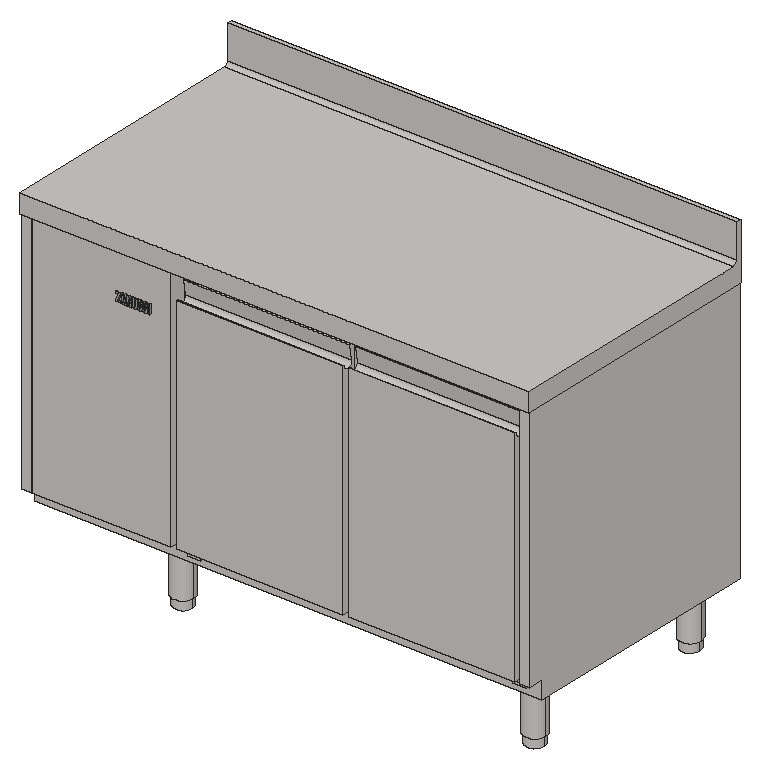
Revit family "QF_ZANUSSI_111068_ZH2K3AA", category Specialty Equipment, Revit 2018 (continued)
Definition of nested family "ZAN_Cooling Unit"
  Lines and regions (mm)
    Split face 129
      outline origin (55.016, 2, -293.144) x (0, 0, 1) y (-1, 0, 0)
        loop
          line (502.647, 158.547) -> (502.647, 116.535)
          arc (502.647, 116.535) -> (506.648, 112.533) -> (510.649, 116.535) r 4.001
          line (510.649, 116.535) -> (510.649, 158.547)
    Split face 130
      outline origin (110.032, 2, -113.091) x (0, 0, 1) y (-1, 0, 0)
        loop
          arc (510.649, 158.547) -> (506.648, 162.548) -> (502.647, 158.547) r 4.001
          line (502.647, 158.547) -> (502.647, 116.535)
          arc (502.647, 116.535) -> (506.648, 112.533) -> (510.649, 116.535) r 4.001
          line (510.649, 116.535) -> (510.649, 158.547)
    Split face 131
      outline origin (110.032, 2, -125.094) x (0, 0, 1) y (-1, 0, 0)
        loop
          arc (510.649, 158.547) -> (506.648, 162.548) -> (502.647, 158.547) r 4.001
          line (502.647, 158.547) -> (502.647, 116.535)
          arc (502.647, 116.535) -> (506.648, 112.533) -> (510.649, 116.535) r 4.001
          line (510.649, 116.535) -> (510.649, 158.547)
    Split face 132
      outline origin (110.032, 2, -137.098) x (0, 0, 1) y (-1, 0, 0)
        loop
          arc (510.649, 158.547) -> (506.648, 162.548) -> (502.647, 158.547) r 4.001
          line (502.647, 158.547) -> (502.647, 116.535)
          arc (502.647, 116.535) -> (506.648, 112.533) -> (510.649, 116.535) r 4.001
          line (510.649, 116.535) -> (510.649, 158.547)
    Split face 133
      outline origin (110.032, 2, -149.101) x (0, 0, 1) y (-1, 0, 0)
        loop
          arc (510.649, 158.547) -> (506.648, 162.548) -> (502.647, 158.547) r 4.001
          line (502.647, 158.547) -> (502.647, 116.535)
          arc (502.647, 116.535) -> (506.648, 112.533) -> (510.649, 116.535) r 4.001
          line (510.649, 116.535) -> (510.649, 158.547)
    Split face 134
      outline origin (110.032, 2, -161.105) x (0, 0, 1) y (-1, 0, 0)
        loop
          arc (510.649, 158.547) -> (506.648, 162.548) -> (502.647, 158.547) r 4.001
          line (502.647, 158.547) -> (502.647, 116.535)
          arc (502.647, 116.535) -> (506.648, 112.533) -> (510.649, 116.535) r 4.001
          line (510.649, 116.535) -> (510.649, 158.547)
    Split face 135
      outline origin (110.032, 2, -173.108) x (0, 0, 1) y (-1, 0, 0)
        loop
          arc (510.649, 158.547) -> (506.648, 162.548) -> (502.647, 158.547) r 4.001
          line (502.647, 158.547) -> (502.647, 116.535)
          arc (502.647, 116.535) -> (506.648, 112.533) -> (510.649, 116.535) r 4.001
          line (510.649, 116.535) -> (510.649, 158.547)
    Split face 136
      outline origin (110.032, 2, -185.112) x (0, 0, 1) y (-1, 0, 0)
        loop
          arc (510.649, 158.547) -> (506.648, 162.548) -> (502.647, 158.547) r 4.001
          line (502.647, 158.547) -> (502.647, 116.535)
          arc (502.647, 116.535) -> (506.648, 112.533) -> (510.649, 116.535) r 4.001
          line (510.649, 116.535) -> (510.649, 158.547)
    Split face 137
      outline origin (110.032, 2, -197.115) x (0, 0, 1) y (-1, 0, 0)
        loop
          arc (510.649, 158.547) -> (506.648, 162.548) -> (502.647, 158.547) r 4.001
          line (502.647, 158.547) -> (502.647, 116.535)
          arc (502.647, 116.535) -> (506.648, 112.533) -> (510.649, 116.535) r 4.001
          line (510.649, 116.535) -> (510.649, 158.547)
    Split face 138
      outline origin (110.032, 2, -209.119) x (0, 0, 1) y (-1, 0, 0)
        loop
          arc (510.649, 158.547) -> (506.648, 162.548) -> (502.647, 158.547) r 4.001
          line (502.647, 158.547) -> (502.647, 116.535)
          arc (502.647, 116.535) -> (506.648, 112.533) -> (510.649, 116.535) r 4.001
          line (510.649, 116.535) -> (510.649, 158.547)
    Split face 139
      outline origin (110.032, 2, -221.122) x (0, 0, 1) y (-1, 0, 0)
        loop
          arc (510.649, 158.547) -> (506.648, 162.548) -> (502.647, 158.547) r 4.001
          line (502.647, 158.547) -> (502.647, 116.535)
          arc (502.647, 116.535) -> (506.648, 112.533) -> (510.649, 116.535) r 4.001
          line (510.649, 116.535) -> (510.649, 158.547)
    Split face 140
      outline origin (110.032, 2, -233.126) x (0, 0, 1) y (-1, 0, 0)
        loop
          arc (510.649, 158.547) -> (506.648, 162.548) -> (502.647, 158.547) r 4.001
          line (502.647, 158.547) -> (502.647, 116.535)
          arc (502.647, 116.535) -> (506.648, 112.533) -> (510.649, 116.535) r 4.001
          line (510.649, 116.535) -> (510.649, 158.547)
    Split face 141
      outline origin (110.032, 2, -245.129) x (0, 0, 1) y (-1, 0, 0)
        loop
          arc (510.649, 158.547) -> (506.648, 162.548) -> (502.647, 158.547) r 4.001
          line (502.647, 158.547) -> (502.647, 116.535)
          arc (502.647, 116.535) -> (506.648, 112.533) -> (510.649, 116.535) r 4.001
          line (510.649, 116.535) -> (510.649, 158.547)
    Split face 142
      outline origin (110.032, 2, -257.133) x (0, 0, 1) y (-1, 0, 0)
        loop
          arc (510.649, 158.547) -> (506.648, 162.548) -> (502.647, 158.547) r 4.001
          line (502.647, 158.547) -> (502.647, 116.535)
          arc (502.647, 116.535) -> (506.648, 112.533) -> (510.649, 116.535) r 4.001
          line (510.649, 116.535) -> (510.649, 158.547)
    Split face 143
      outline origin (110.032, 2, -269.136) x (0, 0, 1) y (-1, 0, 0)
        loop
          arc (510.649, 158.547) -> (506.648, 162.548) -> (502.647, 158.547) r 4.001
          line (502.647, 158.547) -> (502.647, 116.535)
          arc (502.647, 116.535) -> (506.648, 112.533) -> (510.649, 116.535) r 4.001
          line (510.649, 116.535) -> (510.649, 158.547)
    Split face 144
      outline origin (110.032, 2, -281.14) x (0, 0, 1) y (-1, 0, 0)
        loop
          arc (510.649, 158.547) -> (506.648, 162.548) -> (502.647, 158.547) r 4.001
          line (502.647, 158.547) -> (502.647, 116.535)
          arc (502.647, 116.535) -> (506.648, 112.533) -> (510.649, 116.535) r 4.001
          line (510.649, 116.535) -> (510.649, 158.547)
    Split face 145
      outline origin (110.032, 2, -293.144) x (0, 0, 1) y (-1, 0, 0)
        loop
          arc (510.649, 158.547) -> (506.648, 162.548) -> (502.647, 158.547) r 4.001
          line (502.647, 158.547) -> (502.647, 116.535)
          arc (502.647, 116.535) -> (506.648, 112.533) -> (510.649, 116.535) r 4.001
          line (510.649, 116.535) -> (510.649, 158.547)
    Split face 146
      outline origin (165.048, 2, -113.091) x (0, 0, 1) y (-1, 0, 0)
        loop
          arc (510.649, 158.547) -> (506.648, 162.548) -> (502.647, 158.547) r 4.001
          line (502.647, 158.547) -> (502.647, 116.535)
          arc (502.647, 116.535) -> (506.648, 112.533) -> (510.649, 116.535) r 4.001
          line (510.649, 116.535) -> (510.649, 158.547)
    Split face 147
      outline origin (165.048, 2, -125.094) x (0, 0, 1) y (-1, 0, 0)
        loop
          arc (510.649, 158.547) -> (506.648, 162.548) -> (502.647, 158.547) r 4.001
          line (502.647, 158.547) -> (502.647, 116.535)
          arc (502.647, 116.535) -> (506.648, 112.533) -> (510.649, 116.535) r 4.001
          line (510.649, 116.535) -> (510.649, 158.547)
    Split face 148
      outline origin (165.048, 2, -137.098) x (0, 0, 1) y (-1, 0, 0)
        loop
          arc (510.649, 158.547) -> (506.648, 162.548) -> (502.647, 158.547) r 4.001
          line (502.647, 158.547) -> (502.647, 116.535)
          arc (502.647, 116.535) -> (506.648, 112.533) -> (510.649, 116.535) r 4.001
          line (510.649, 116.535) -> (510.649, 158.547)
    Split face 149
      outline origin (165.048, 2, -149.101) x (0, 0, 1) y (-1, 0, 0)
        loop
          arc (510.649, 158.547) -> (506.648, 162.548) -> (502.647, 158.547) r 4.001
          line (502.647, 158.547) -> (502.647, 116.535)
          arc (502.647, 116.535) -> (506.648, 112.533) -> (510.649, 116.535) r 4.001
          line (510.649, 116.535) -> (510.649, 158.547)
    Split face 150
      outline origin (165.048, 2, -161.105) x (0, 0, 1) y (-1, 0, 0)
        loop
          arc (510.649, 158.547) -> (506.648, 162.548) -> (502.647, 158.547) r 4.001
          line (502.647, 158.547) -> (502.647, 116.535)
          arc (502.647, 116.535) -> (506.648, 112.533) -> (510.649, 116.535) r 4.001
          line (510.649, 116.535) -> (510.649, 158.547)
    Split face 151
      outline origin (165.048, 2, -173.108) x (0, 0, 1) y (-1, 0, 0)
        loop
          arc (510.649, 158.547) -> (506.648, 162.548) -> (502.647, 158.547) r 4.001
          line (502.647, 158.547) -> (502.647, 116.535)
          arc (502.647, 116.535) -> (506.648, 112.533) -> (510.649, 116.535) r 4.001
          line (510.649, 116.535) -> (510.649, 158.547)
    Split face 152
      outline origin (165.048, 2, -185.112) x (0, 0, 1) y (-1, 0, 0)
        loop
          arc (510.649, 158.547) -> (506.648, 162.548) -> (502.647, 158.547) r 4.001
          line (502.647, 158.547) -> (502.647, 116.535)
          arc (502.647, 116.535) -> (506.648, 112.533) -> (510.649, 116.535) r 4.001
          line (510.649, 116.535) -> (510.649, 158.547)
    Split face 153
      outline origin (165.048, 2, -197.115) x (0, 0, 1) y (-1, 0, 0)
        loop
          arc (510.649, 158.547) -> (506.648, 162.548) -> (502.647, 158.547) r 4.001
          line (502.647, 158.547) -> (502.647, 116.535)
          arc (502.647, 116.535) -> (506.648, 112.533) -> (510.649, 116.535) r 4.001
          line (510.649, 116.535) -> (510.649, 158.547)
    Split face 154
      outline origin (165.048, 2, -209.119) x (0, 0, 1) y (-1, 0, 0)
        loop
          arc (510.649, 158.547) -> (506.648, 162.548) -> (502.647, 158.547) r 4.001
          line (502.647, 158.547) -> (502.647, 116.535)
          arc (502.647, 116.535) -> (506.648, 112.533) -> (510.649, 116.535) r 4.001
          line (510.649, 116.535) -> (510.649, 158.547)
    Split face 155
      outline origin (165.048, 2, -221.122) x (0, 0, 1) y (-1, 0, 0)
        loop
          arc (510.649, 158.547) -> (506.648, 162.548) -> (502.647, 158.547) r 4.001
          line (502.647, 158.547) -> (502.647, 116.535)
          arc (502.647, 116.535) -> (506.648, 112.533) -> (510.649, 116.535) r 4.001
          line (510.649, 116.535) -> (510.649, 158.547)
    Split face 156
      outline origin (165.048, 2, -233.126) x (0, 0, 1) y (-1, 0, 0)
        loop
          arc (510.649, 158.547) -> (506.648, 162.548) -> (502.647, 158.547) r 4.001
          line (502.647, 158.547) -> (502.647, 116.535)
          arc (502.647, 116.535) -> (506.648, 112.533) -> (510.649, 116.535) r 4.001
          line (510.649, 116.535) -> (510.649, 158.547)
    Split face 157
      outline origin (165.048, 2, -245.129) x (0, 0, 1) y (-1, 0, 0)
        loop
          arc (510.649, 158.547) -> (506.648, 162.548) -> (502.647, 158.547) r 4.001
          line (502.647, 158.547) -> (502.647, 116.535)
          arc (502.647, 116.535) -> (506.648, 112.533) -> (510.649, 116.535) r 4.001
          line (510.649, 116.535) -> (510.649, 158.547)
    Split face 158
      outline origin (165.048, 2, -257.133) x (0, 0, 1) y (-1, 0, 0)
        loop
          arc (510.649, 158.547) -> (506.648, 162.548) -> (502.647, 158.547) r 4.001
          line (502.647, 158.547) -> (502.647, 116.535)
          arc (502.647, 116.535) -> (506.648, 112.533) -> (510.649, 116.535) r 4.001
          line (510.649, 116.535) -> (510.649, 158.547)
    Split face 159
      outline origin (165.048, 2, -269.136) x (0, 0, 1) y (-1, 0, 0)
        loop
          arc (510.649, 158.547) -> (506.648, 162.548) -> (502.647, 158.547) r 4.001
          line (502.647, 158.547) -> (502.647, 116.535)
          arc (502.647, 116.535) -> (506.648, 112.533) -> (510.649, 116.535) r 4.001
          line (510.649, 116.535) -> (510.649, 158.547)
    Split face 160
      outline origin (165.048, 2, -281.14) x (0, 0, 1) y (-1, 0, 0)
        loop
          arc (510.649, 158.547) -> (506.648, 162.548) -> (502.647, 158.547) r 4.001
          line (502.647, 158.547) -> (502.647, 116.535)
          arc (502.647, 116.535) -> (506.648, 112.533) -> (510.649, 116.535) r 4.001
          line (510.649, 116.535) -> (510.649, 158.547)
    Split face 161
      outline origin (165.048, 2, -293.144) x (0, 0, 1) y (-1, 0, 0)
        loop
          arc (510.649, 158.547) -> (506.648, 162.548) -> (502.647, 158.547) r 4.001
          line (502.647, 158.547) -> (502.647, 116.535)
          arc (502.647, 116.535) -> (506.648, 112.533) -> (510.649, 116.535) r 4.001
          line (510.649, 116.535) -> (510.649, 158.547)
    Split face 162
      outline origin (220.064, 2, -113.091) x (0, 0, 1) y (-1, 0, 0)
        loop
          arc (510.649, 158.547) -> (506.648, 162.548) -> (502.647, 158.547) r 4.001
          line (502.647, 158.547) -> (502.647, 116.535)
          arc (502.647, 116.535) -> (506.648, 112.533) -> (510.649, 116.535) r 4.001
          line (510.649, 116.535) -> (510.649, 158.547)
    Split face 163
      outline origin (220.064, 2, -125.094) x (0, 0, 1) y (-1, 0, 0)
        loop
          arc (510.649, 158.547) -> (506.648, 162.548) -> (502.647, 158.547) r 4.001
          line (502.647, 158.547) -> (502.647, 116.535)
          arc (502.647, 116.535) -> (506.648, 112.533) -> (510.649, 116.535) r 4.001
          line (510.649, 116.535) -> (510.649, 158.547)
    Split face 164
      outline origin (220.064, 2, -137.098) x (0, 0, 1) y (-1, 0, 0)
        loop
          arc (510.649, 158.547) -> (506.648, 162.548) -> (502.647, 158.547) r 4.001
          line (502.647, 158.547) -> (502.647, 116.535)
          arc (502.647, 116.535) -> (506.648, 112.533) -> (510.649, 116.535) r 4.001
          line (510.649, 116.535) -> (510.649, 158.547)
    Split face 165
      outline origin (220.064, 2, -149.101) x (0, 0, 1) y (-1, 0, 0)
        loop
          arc (510.649, 158.547) -> (506.648, 162.548) -> (502.647, 158.547) r 4.001
          line (502.647, 158.547) -> (502.647, 116.535)
          arc (502.647, 116.535) -> (506.648, 112.533) -> (510.649, 116.535) r 4.001
          line (510.649, 116.535) -> (510.649, 158.547)
    Split face 166
      outline origin (220.064, 2, -161.105) x (0, 0, 1) y (-1, 0, 0)
        loop
          arc (510.649, 158.547) -> (506.648, 162.548) -> (502.647, 158.547) r 4.001
          line (502.647, 158.547) -> (502.647, 116.535)
          arc (502.647, 116.535) -> (506.648, 112.533) -> (510.649, 116.535) r 4.001
          line (510.649, 116.535) -> (510.649, 158.547)
    Split face 167
      outline origin (220.064, 2, -173.108) x (0, 0, 1) y (-1, 0, 0)
        loop
          arc (510.649, 158.547) -> (506.648, 162.548) -> (502.647, 158.547) r 4.001
          line (502.647, 158.547) -> (502.647, 116.535)
          arc (502.647, 116.535) -> (506.648, 112.533) -> (510.649, 116.535) r 4.001
          line (510.649, 116.535) -> (510.649, 158.547)
    Split face 168
      outline origin (220.064, 2, -185.112) x (0, 0, 1) y (-1, 0, 0)
        loop
          arc (510.649, 158.547) -> (506.648, 162.548) -> (502.647, 158.547) r 4.001
          line (502.647, 158.547) -> (502.647, 116.535)
          arc (502.647, 116.535) -> (506.648, 112.533) -> (510.649, 116.535) r 4.001
          line (510.649, 116.535) -> (510.649, 158.547)
    Split face 169
      outline origin (220.064, 2, -197.115) x (0, 0, 1) y (-1, 0, 0)
        loop
          arc (510.649, 158.547) -> (506.648, 162.548) -> (502.647, 158.547) r 4.001
          line (502.647, 158.547) -> (502.647, 116.535)
          arc (502.647, 116.535) -> (506.648, 112.533) -> (510.649, 116.535) r 4.001
          line (510.649, 116.535) -> (510.649, 158.547)
    Split face 170
      outline origin (220.064, 2, -209.119) x (0, 0, 1) y (-1, 0, 0)
        loop
          arc (510.649, 158.547) -> (506.648, 162.548) -> (502.647, 158.547) r 4.001
          line (502.647, 158.547) -> (502.647, 116.535)
          arc (502.647, 116.535) -> (506.648, 112.533) -> (510.649, 116.535) r 4.001
          line (510.649, 116.535) -> (510.649, 158.547)
    Split face 171
      outline origin (220.064, 2, -221.122) x (0, 0, 1) y (-1, 0, 0)
        loop
          arc (510.649, 158.547) -> (506.648, 162.548) -> (502.647, 158.547) r 4.001
          line (502.647, 158.547) -> (502.647, 116.535)
          arc (502.647, 116.535) -> (506.648, 112.533) -> (510.649, 116.535) r 4.001
          line (510.649, 116.535) -> (510.649, 158.547)
    Split face 172
      outline origin (220.064, 2, -233.126) x (0, 0, 1) y (-1, 0, 0)
        loop
          arc (510.649, 158.547) -> (506.648, 162.548) -> (502.647, 158.547) r 4.001
          line (502.647, 158.547) -> (502.647, 116.535)
          arc (502.647, 116.535) -> (506.648, 112.533) -> (510.649, 116.535) r 4.001
          line (510.649, 116.535) -> (510.649, 158.547)
    Split face 173
      outline origin (220.064, 2, -245.129) x (0, 0, 1) y (-1, 0, 0)
        loop
          arc (510.649, 158.547) -> (506.648, 162.548) -> (502.647, 158.547) r 4.001
          line (502.647, 158.547) -> (502.647, 116.535)
          arc (502.647, 116.535) -> (506.648, 112.533) -> (510.649, 116.535) r 4.001
          line (510.649, 116.535) -> (510.649, 158.547)
    Split face 174
      outline origin (220.064, 2, -257.133) x (0, 0, 1) y (-1, 0, 0)
        loop
          arc (510.649, 158.547) -> (506.648, 162.548) -> (502.647, 158.547) r 4.001
          line (502.647, 158.547) -> (502.647, 116.535)
          arc (502.647, 116.535) -> (506.648, 112.533) -> (510.649, 116.535) r 4.001
          line (510.649, 116.535) -> (510.649, 158.547)
    Split face 175
      outline origin (220.064, 2, -269.136) x (0, 0, 1) y (-1, 0, 0)
        loop
          arc (510.649, 158.547) -> (506.648, 162.548) -> (502.647, 158.547) r 4.001
          line (502.647, 158.547) -> (502.647, 116.535)
          arc (502.647, 116.535) -> (506.648, 112.533) -> (510.649, 116.535) r 4.001
          line (510.649, 116.535) -> (510.649, 158.547)
    Split face 176
      outline origin (220.064, 2, -281.14) x (0, 0, 1) y (-1, 0, 0)
        loop
          arc (510.649, 158.547) -> (506.648, 162.548) -> (502.647, 158.547) r 4.001
          line (502.647, 158.547) -> (502.647, 116.535)
          arc (502.647, 116.535) -> (506.648, 112.533) -> (510.649, 116.535) r 4.001
          line (510.649, 116.535) -> (510.649, 158.547)
    Split face 177
      outline origin (220.064, 2, -293.144) x (0, 0, 1) y (-1, 0, 0)
        loop
          arc (510.649, 158.547) -> (506.648, 162.548) -> (502.647, 158.547) r 4.001
          line (502.647, 158.547) -> (502.647, 116.535)
          arc (502.647, 116.535) -> (506.648, 112.533) -> (510.649, 116.535) r 4.001
          line (510.649, 116.535) -> (510.649, 158.547)
    Split face 178
      outline origin (275.081, 2, -113.091) x (0, 0, 1) y (-1, 0, 0)
        loop
          arc (510.649, 158.547) -> (506.648, 162.548) -> (502.647, 158.547) r 4.001
          line (502.647, 158.547) -> (502.647, 116.535)
          arc (502.647, 116.535) -> (506.648, 112.533) -> (510.649, 116.535) r 4.001
          line (510.649, 116.535) -> (510.649, 158.547)
    Split face 179
      outline origin (275.081, 2, -125.094) x (0, 0, 1) y (-1, 0, 0)
        loop
          arc (510.649, 158.547) -> (506.648, 162.548) -> (502.647, 158.547) r 4.001
          line (502.647, 158.547) -> (502.647, 116.535)
          arc (502.647, 116.535) -> (506.648, 112.533) -> (510.649, 116.535) r 4.001
          line (510.649, 116.535) -> (510.649, 158.547)
    Split face 180
      outline origin (275.081, 2, -137.098) x (0, 0, 1) y (-1, 0, 0)
        loop
          arc (510.649, 158.547) -> (506.648, 162.548) -> (502.647, 158.547) r 4.001
          line (502.647, 158.547) -> (502.647, 116.535)
          arc (502.647, 116.535) -> (506.648, 112.533) -> (510.649, 116.535) r 4.001
          line (510.649, 116.535) -> (510.649, 158.547)
    Split face 181
      outline origin (275.081, 2, -149.101) x (0, 0, 1) y (-1, 0, 0)
        loop
          arc (510.649, 158.547) -> (506.648, 162.548) -> (502.647, 158.547) r 4.001
          line (502.647, 158.547) -> (502.647, 116.535)
          arc (502.647, 116.535) -> (506.648, 112.533) -> (510.649, 116.535) r 4.001
          line (510.649, 116.535) -> (510.649, 158.547)
    Split face 182
      outline origin (275.081, 2, -161.105) x (0, 0, 1) y (-1, 0, 0)
        loop
          arc (510.649, 158.547) -> (506.648, 162.548) -> (502.647, 158.547) r 4.001
          line (502.647, 158.547) -> (502.647, 116.535)
          arc (502.647, 116.535) -> (506.648, 112.533) -> (510.649, 116.535) r 4.001
          line (510.649, 116.535) -> (510.649, 158.547)
    Split face 183
      outline origin (275.081, 2, -173.108) x (0, 0, 1) y (-1, 0, 0)
        loop
          arc (510.649, 158.547) -> (506.648, 162.548) -> (502.647, 158.547) r 4.001
          line (502.647, 158.547) -> (502.647, 116.535)
          arc (502.647, 116.535) -> (506.648, 112.533) -> (510.649, 116.535) r 4.001
          line (510.649, 116.535) -> (510.649, 158.547)
    Split face 184
      outline origin (275.081, 2, -185.112) x (0, 0, 1) y (-1, 0, 0)
        loop
          arc (510.649, 158.547) -> (506.648, 162.548) -> (502.647, 158.547) r 4.001
          line (502.647, 158.547) -> (502.647, 116.535)
          arc (502.647, 116.535) -> (506.648, 112.533) -> (510.649, 116.535) r 4.001
          line (510.649, 116.535) -> (510.649, 158.547)
    Split face 185
      outline origin (275.081, 2, -197.115) x (0, 0, 1) y (-1, 0, 0)
        loop
          arc (510.649, 158.547) -> (506.648, 162.548) -> (502.647, 158.547) r 4.001
          line (502.647, 158.547) -> (502.647, 116.535)
          arc (502.647, 116.535) -> (506.648, 112.533) -> (510.649, 116.535) r 4.001
          line (510.649, 116.535) -> (510.649, 158.547)
    Split face 186
      outline origin (275.081, 2, -209.119) x (0, 0, 1) y (-1, 0, 0)
        loop
          arc (510.649, 158.547) -> (506.648, 162.548) -> (502.647, 158.547) r 4.001
          line (502.647, 158.547) -> (502.647, 116.535)
          arc (502.647, 116.535) -> (506.648, 112.533) -> (510.649, 116.535) r 4.001
          line (510.649, 116.535) -> (510.649, 158.547)
    Split face 187
      outline origin (275.081, 2, -221.122) x (0, 0, 1) y (-1, 0, 0)
        loop
          arc (510.649, 158.547) -> (506.648, 162.548) -> (502.647, 158.547) r 4.001
          line (502.647, 158.547) -> (502.647, 116.535)
          arc (502.647, 116.535) -> (506.648, 112.533) -> (510.649, 116.535) r 4.001
          line (510.649, 116.535) -> (510.649, 158.547)
    Split face 188
      outline origin (275.081, 2, -233.126) x (0, 0, 1) y (-1, 0, 0)
        loop
          arc (510.649, 158.547) -> (506.648, 162.548) -> (502.647, 158.547) r 4.001
          line (502.647, 158.547) -> (502.647, 116.535)
          arc (502.647, 116.535) -> (506.648, 112.533) -> (510.649, 116.535) r 4.001
          line (510.649, 116.535) -> (510.649, 158.547)
    Split face 189
      outline origin (275.081, 2, -245.129) x (0, 0, 1) y (-1, 0, 0)
        loop
          arc (510.649, 158.547) -> (506.648, 162.548) -> (502.647, 158.547) r 4.001
          line (502.647, 158.547) -> (502.647, 116.535)
          arc (502.647, 116.535) -> (506.648, 112.533) -> (510.649, 116.535) r 4.001
          line (510.649, 116.535) -> (510.649, 158.547)
    Split face 190
      outline origin (275.081, 2, -257.133) x (0, 0, 1) y (-1, 0, 0)
        loop
          arc (510.649, 158.547) -> (506.648, 162.548) -> (502.647, 158.547) r 4.001
          line (502.647, 158.547) -> (502.647, 116.535)
          arc (502.647, 116.535) -> (506.648, 112.533) -> (510.649, 116.535) r 4.001
          line (510.649, 116.535) -> (510.649, 158.547)
    Split face 191
      outline origin (275.081, 2, -269.136) x (0, 0, 1) y (-1, 0, 0)
        loop
          arc (510.649, 158.547) -> (506.648, 162.548) -> (502.647, 158.547) r 4.001
          line (502.647, 158.547) -> (502.647, 116.535)
          arc (502.647, 116.535) -> (506.648, 112.533) -> (510.649, 116.535) r 4.001
          line (510.649, 116.535) -> (510.649, 158.547)
    Split face 192
      outline origin (275.081, 2, -281.14) x (0, 0, 1) y (-1, 0, 0)
        loop
          arc (510.649, 158.547) -> (506.648, 162.548) -> (502.647, 158.547) r 4.001
          line (502.647, 158.547) -> (502.647, 116.535)
          arc (502.647, 116.535) -> (506.648, 112.533) -> (510.649, 116.535) r 4.001
          line (510.649, 116.535) -> (510.649, 158.547)
    Split face 193
      outline origin (275.081, 2, -293.144) x (0, 0, 1) y (-1, 0, 0)
        loop
          arc (510.649, 158.547) -> (506.648, 162.548) -> (502.647, 158.547) r 4.001
          line (502.647, 158.547) -> (502.647, 116.535)
          arc (502.647, 116.535) -> (506.648, 112.533) -> (510.649, 116.535) r 4.001
          line (510.649, 116.535) -> (510.649, 158.547)
    Split face 194
      outline origin (0, 2, 197) x (0, 0, 1) y (-1, 0, 0)
        loop
          spline (566.835, 20.381) -> (564.628, 19.058) -> (561.987, 18.027) -> (558.955, 17.386) -> (555.581, 17.244) -> (551.912, 17.703) -> (547.993, 18.863) -> (543.871, 20.83) -> (539.591, 23.706) -> (535.202, 27.594) -> (530.748, 32.597) -> (526.28, 38.824) -> (521.835, 46.362)
        loop
          spline (521.835, 58.392) -> (525.386, 49.242) -> (529.197, 41.481) -> (533.2, 35.023) -> (537.329, 29.786) -> (541.516, 25.684) -> (545.695, 22.634) -> (549.798, 20.552) -> (553.759, 19.355) -> (557.511, 18.958) -> (560.984, 19.275) -> (564.115, 20.227) -> (566.835, 21.726)
    Split face 195
      outline origin (0, 2, 197) x (0, 0, 1) y (-1, 0, 0)
        loop
          line (555.835, 149.5) -> (532.835, 149.5) -> (532.835, 94.5) -> (555.835, 94.5) -> (555.835, 149.5)
  Dimensions and locks
    aligned and locked: level to plane 2
  Nested families
    nested 1: "ZAN_Logo_S_Grey" at (85, 2, 741.213) x (1, 0, 0) z (0, -1, 0), visible <- "Show Logo", type "ZAN_Logo_S_Grey"
  Definition of nested family "ZAN_Logo_S_Grey"
    Parameters
      Default Elevation = 0 mm
    Reference planes
      plane 1 "Centro (Fronte/Retro)": y = 0
      plane 2: z = 0
      plane 3 "Centro (Sinistra/Destra)": x = 0
    Forms (mm)
      Extrusion 1, solid
        sketch origin (0, 0, 0) x (1, 0, 0) y (0, 1, 0)
          loop
            line (-1219.2, 1219.2) -> (-1219.2, -1219.2) -> (1219.2, -1219.2) -> (1219.2, 1219.2) -> (-1219.2, 1219.2)
        from 0 to -304.8
      Extrusion 2, solid
        sketch origin (17.793, -46.218, 0) x (-1, 0, 0) y (0, -1, 0)
          loop
            spline (-4.176, -58.079) -> (-3.496, -58.328) -> (-2.793, -58.512) -> (-2.075, -58.63) -> (-1.348, -58.682) -> (-0.619, -58.669) -> (0.106, -58.588) -> (0.818, -58.44) -> (1.512, -58.225) -> (2.18, -57.941) -> (2.817, -57.589) -> (3.414, -57.167) -> (3.966, -56.676)
            spline (3.966, -56.676) -> (4.293, -56.162) -> (4.575, -55.61) -> (4.81, -55.026) -> (5, -54.419) -> (5.146, -53.797) -> (5.247, -53.166) -> (5.304, -52.536) -> (5.318, -51.913) -> (5.288, -51.306) -> (5.217, -50.723) -> (5.103, -50.17) -> (4.949, -49.657)
            line (4.949, -49.657) -> (2.702, -46.428) -> (0.316, -44.323)
            spline (0.316, -44.323) -> (0.065, -44.115) -> (-0.195, -43.909) -> (-0.46, -43.704) -> (-0.729, -43.496) -> (-0.997, -43.282) -> (-1.263, -43.059) -> (-1.523, -42.825) -> (-1.774, -42.576) -> (-2.013, -42.309) -> (-2.238, -42.022) -> (-2.445, -41.712) -> (-2.632, -41.375)
            spline (-2.632, -41.375) -> (-2.666, -41.159) -> (-2.697, -40.934) -> (-2.722, -40.701) -> (-2.736, -40.465) -> (-2.736, -40.227) -> (-2.72, -39.989) -> (-2.682, -39.754) -> (-2.621, -39.524) -> (-2.533, -39.302) -> (-2.414, -39.091) -> (-2.261, -38.892) -> (-2.07, -38.708)
            line (-2.07, -38.708) -> (-0.245, -38.567)
            spline (-0.245, -38.567) -> (0.096, -38.8) -> (0.354, -39.074) -> (0.54, -39.381) -> (0.664, -39.716) -> (0.738, -40.073) -> (0.772, -40.445) -> (0.777, -40.825) -> (0.763, -41.208) -> (0.742, -41.588) -> (0.723, -41.957) -> (0.718, -42.309) -> (0.737, -42.638)
            line (0.737, -42.638) -> (5.65, -42.638)
            spline (5.65, -42.638) -> (5.708, -42.042) -> (5.741, -41.448) -> (5.747, -40.857) -> (5.723, -40.273) -> (5.668, -39.696) -> (5.58, -39.129) -> (5.457, -38.574) -> (5.297, -38.032) -> (5.098, -37.506) -> (4.857, -36.997) -> (4.574, -36.508) -> (4.247, -36.041)
            spline (4.247, -36.041) -> (3.844, -35.675) -> (3.409, -35.35) -> (2.946, -35.065) -> (2.458, -34.819) -> (1.949, -34.612) -> (1.421, -34.444) -> (0.88, -34.314) -> (0.326, -34.221) -> (-0.234, -34.165) -> (-0.8, -34.146) -> (-1.366, -34.163) -> (-1.93, -34.216)
            spline (-1.93, -34.216) -> (-2.526, -34.309) -> (-3.116, -34.448) -> (-3.695, -34.633) -> (-4.259, -34.861) -> (-4.801, -35.131) -> (-5.316, -35.444) -> (-5.799, -35.798) -> (-6.245, -36.191) -> (-6.648, -36.624) -> (-7.002, -37.095) -> (-7.303, -37.603) -> (-7.545, -38.146)
            spline (-7.545, -38.146) -> (-7.694, -38.815) -> (-7.792, -39.487) -> (-7.839, -40.158) -> (-7.836, -40.824) -> (-7.785, -41.482) -> (-7.685, -42.129) -> (-7.539, -42.762) -> (-7.347, -43.377) -> (-7.111, -43.97) -> (-6.83, -44.538) -> (-6.506, -45.078) -> (-6.141, -45.586)
            line (-6.141, -45.586) -> (-0.526, -50.64) -> (0.176, -51.482)
            spline (0.176, -51.482) -> (0.248, -51.66) -> (0.323, -51.843) -> (0.397, -52.03) -> (0.467, -52.22) -> (0.529, -52.412) -> (0.579, -52.605) -> (0.615, -52.798) -> (0.633, -52.989) -> (0.63, -53.179) -> (0.601, -53.366) -> (0.545, -53.55) -> (0.456, -53.728)
            spline (0.456, -53.728) -> (0.375, -53.892) -> (0.273, -54.034) -> (0.154, -54.155) -> (0.02, -54.258) -> (-0.126, -54.343) -> (-0.28, -54.412) -> (-0.441, -54.466) -> (-0.604, -54.508) -> (-0.767, -54.537) -> (-0.928, -54.556) -> (-1.082, -54.567) -> (-1.228, -54.57)
            line (-1.228, -54.57) -> (-2.632, -53.587) -> (-2.772, -50.64) -> (-7.405, -50.64)
            spline (-7.405, -50.64) -> (-7.41, -51.031) -> (-7.423, -51.432) -> (-7.44, -51.839) -> (-7.456, -52.251) -> (-7.469, -52.665) -> (-7.475, -53.079) -> (-7.468, -53.489) -> (-7.446, -53.894) -> (-7.404, -54.291) -> (-7.339, -54.679) -> (-7.247, -55.053) -> (-7.123, -55.412)
            spline (-7.123, -55.412) -> (-6.999, -55.693) -> (-6.837, -55.97) -> (-6.643, -56.244) -> (-6.422, -56.509) -> (-6.177, -56.765) -> (-5.913, -57.009) -> (-5.634, -57.238) -> (-5.346, -57.45) -> (-5.051, -57.643) -> (-4.755, -57.814) -> (-4.462, -57.96) -> (-4.176, -58.079)
          loop
            spline (-21.021, -55.552) -> (-20.633, -56.181) -> (-20.177, -56.736) -> (-19.661, -57.217) -> (-19.092, -57.627) -> (-18.478, -57.966) -> (-17.827, -58.237) -> (-17.147, -58.441) -> (-16.446, -58.578) -> (-15.73, -58.652) -> (-15.009, -58.662) -> (-14.29, -58.611) -> (-13.581, -58.5)
            spline (-13.581, -58.5) -> (-13.088, -58.407) -> (-12.595, -58.269) -> (-12.109, -58.088) -> (-11.636, -57.866) -> (-11.183, -57.605) -> (-10.756, -57.307) -> (-10.361, -56.974) -> (-10.004, -56.608) -> (-9.692, -56.211) -> (-9.431, -55.784) -> (-9.228, -55.33) -> (-9.089, -54.851)
            spline (-9.089, -54.851) -> (-8.873, -54.211) -> (-8.715, -53.559) -> (-8.615, -52.901) -> (-8.574, -52.241) -> (-8.592, -51.585) -> (-8.668, -50.938) -> (-8.802, -50.306) -> (-8.995, -49.693) -> (-9.247, -49.106) -> (-9.557, -48.55) -> (-9.925, -48.03) -> (-10.352, -47.551)
            line (-10.352, -47.551) -> (-15.546, -42.919) -> (-16.669, -41.234)
            spline (-16.669, -41.234) -> (-16.704, -41.021) -> (-16.735, -40.804) -> (-16.761, -40.583) -> (-16.778, -40.361) -> (-16.784, -40.139) -> (-16.774, -39.919) -> (-16.748, -39.701) -> (-16.7, -39.488) -> (-16.63, -39.28) -> (-16.533, -39.08) -> (-16.406, -38.889) -> (-16.248, -38.708)
            line (-16.248, -38.708) -> (-14.844, -38.427)
            spline (-14.844, -38.427) -> (-14.347, -38.545) -> (-13.969, -38.749) -> (-13.695, -39.028) -> (-13.508, -39.368) -> (-13.393, -39.757) -> (-13.335, -40.182) -> (-13.318, -40.63) -> (-13.326, -41.089) -> (-13.344, -41.546) -> (-13.356, -41.988) -> (-13.347, -42.403) -> (-13.3, -42.779)
            line (-13.3, -42.779) -> (-8.387, -42.638)
            spline (-8.387, -42.638) -> (-8.326, -42.034) -> (-8.288, -41.417) -> (-8.277, -40.794) -> (-8.299, -40.169) -> (-8.357, -39.548) -> (-8.457, -38.936) -> (-8.604, -38.339) -> (-8.803, -37.762) -> (-9.058, -37.21) -> (-9.375, -36.689) -> (-9.758, -36.204) -> (-10.212, -35.76)
            spline (-10.212, -35.76) -> (-10.793, -35.336) -> (-11.409, -34.976) -> (-12.054, -34.679) -> (-12.723, -34.445) -> (-13.409, -34.273) -> (-14.107, -34.163) -> (-14.811, -34.115) -> (-15.515, -34.127) -> (-16.213, -34.2) -> (-16.899, -34.333) -> (-17.568, -34.526) -> (-18.213, -34.777)
            spline (-18.213, -34.777) -> (-18.496, -34.897) -> (-18.783, -35.044) -> (-19.071, -35.216) -> (-19.357, -35.412) -> (-19.639, -35.629) -> (-19.915, -35.865) -> (-20.182, -36.119) -> (-20.438, -36.389) -> (-20.681, -36.672) -> (-20.907, -36.967) -> (-21.115, -37.272) -> (-21.301, -37.585)
            spline (-21.301, -37.585) -> (-21.55, -38.26) -> (-21.734, -38.948) -> (-21.854, -39.647) -> (-21.91, -40.351) -> (-21.901, -41.057) -> (-21.828, -41.761) -> (-21.69, -42.459) -> (-21.489, -43.148) -> (-21.222, -43.823) -> (-20.892, -44.48) -> (-20.497, -45.116) -> (-20.038, -45.726)
            line (-20.038, -45.726) -> (-14.142, -51.061) -> (-13.44, -52.886) -> (-14.002, -54.289) -> (-15.265, -54.57) -> (-16.669, -53.587) -> (-16.81, -50.78) -> (-21.582, -50.64)
            spline (-21.582, -50.64) -> (-21.558, -51.063) -> (-21.55, -51.491) -> (-21.554, -51.92) -> (-21.561, -52.35) -> (-21.567, -52.778) -> (-21.565, -53.201) -> (-21.547, -53.619) -> (-21.509, -54.029) -> (-21.444, -54.43) -> (-21.345, -54.818) -> (-21.206, -55.193) -> (-21.021, -55.552)
          loop
            line (-22.424, -34.216) -> (-27.337, -34.216) -> (-27.337, -58.22) -> (-22.424, -58.22) -> (-22.424, -34.216)
          loop
            line (14.213, -39.971) -> (14.213, -58.22) -> (19.126, -58.22) -> (19.126, -42.077) -> (18.845, -38.146) -> (18.424, -37.164) -> (17.442, -35.9) -> (16.459, -35.199) -> (14.494, -34.356) -> (13.511, -34.216) -> (11.265, -34.216) -> (10.142, -34.497) -> (8.458, -35.479) -> (6.493, -38.287) -> (6.352, -39.269) -> (6.352, -58.22) -> (11.265, -58.22) -> (11.265, -40.392) -> (11.827, -39.129) -> (13.371, -38.988) -> (14.213, -39.971)
          loop
            line (20.249, -58.22) -> (24.741, -58.22) -> (24.741, -42.919) -> (28.812, -58.22) -> (34.006, -58.22) -> (34.006, -34.216) -> (29.654, -34.216) -> (29.654, -50.078) -> (25.583, -34.216) -> (20.249, -34.216) -> (20.249, -58.22)
          loop
            line (50.149, -58.22) -> (62.361, -58.22) -> (62.361, -53.728) -> (55.904, -53.868) -> (62.923, -39.129) -> (62.923, -34.216) -> (50.149, -34.216) -> (50.149, -39.129) -> (57.517, -39.129) -> (50.149, -54.149) -> (50.149, -58.22)
          loop
            line (38.778, -58.22) -> (45.516, -58.22) -> (49.868, -34.216) -> (44.814, -34.216) -> (44.113, -38.848) -> (40.042, -38.848) -> (39.34, -34.216) -> (34.286, -34.216) -> (38.778, -58.22)
          loop
            line (43.551, -43.2) -> (40.744, -43.2) -> (42.147, -54.117) -> (43.551, -43.2)
        from 0 to 1.644
    Dimensions and locks
      aligned and locked: plane 2 to Extrusion 1
      aligned and locked: level to Extrusion 1
Definition of nested family "Freezer"
  Reference planes
    plane 1 "Center (Front/Back)": y = 0
    plane 2: z = 0
    plane 3 "Center (Left/Right)": x = 0
  Lines and regions (mm)
    detail lines, in view "Ref. Level"
      curve 1: spline (-500, 190, 0) -> (-493.185, 166.706, 0) -> (-473.205, 145, 0) -> (-441.421, 126.36, 0) -> (-400, 112.058, 0) -> (-351.764, 103.067, 0) -> (-300, 100, 0) -> (-248.236, 103.067, 0) -> (-200, 112.058, 0) -> (-158.579, 126.36, 0) -> (-126.795, 145, 0) -> (-106.815, 166.706, 0) -> (-100, 190, 0) -> (-106.815, 213.294, 0) -> (-126.795, 235, 0) -> (-158.579, 253.64, 0) -> (-200, 267.942, 0) -> (-248.236, 276.933, 0) -> (-300, 280, 0) -> (-351.764, 276.933, 0) -> (-400, 267.942, 0) -> (-441.421, 253.64, 0) -> (-473.205, 235, 0) -> (-493.185, 213.294, 0) -> (-500, 190, 0)
      curve 2: line (-220, 130, 0) -> (-220, 250, 0)
      curve 3: line (-271.962, 220, 0) -> (-168.038, 160, 0)
      curve 4: line (-271.962, 160, 0) -> (-168.038, 220, 0)
      curve 5: line (-200.884, 246.873, 0) -> (-220, 225, 0)
      curve 6: line (-220, 225, 0) -> (-239.116, 246.873, 0)
      curve 7: line (-250.311, 207.5, 0) -> (-260, 235.883, 0)
      curve 8: line (-279.736, 201.7, 0) -> (-250.311, 207.5, 0)
      curve 9: line (-250.311, 172.5, 0) -> (-279.736, 178.3, 0)
      curve 10: line (-260, 144.117, 0) -> (-250.311, 172.5, 0)
      curve 11: line (-220, 155, 0) -> (-239.116, 133.127, 0)
      curve 12: line (-200.884, 133.127, 0) -> (-220, 155, 0)
      curve 13: line (-189.689, 172.5, 0) -> (-180.304, 145.008, 0)
      curve 14: line (-161.188, 178.118, 0) -> (-189.689, 172.5, 0)
      curve 15: line (-189.689, 207.5, 0) -> (-161.188, 201.882, 0)
      curve 16: line (-180.304, 234.992, 0) -> (-189.689, 207.5, 0)
      curve 17: line (-380, 130, 0) -> (-380, 250, 0)
      curve 18: line (-431.962, 220, 0) -> (-328.038, 160, 0)
      curve 19: line (-431.962, 160, 0) -> (-328.038, 220, 0)
      curve 20: line (-360.884, 246.873, 0) -> (-380, 225, 0)
      curve 21: line (-380, 225, 0) -> (-399.116, 246.873, 0)
      curve 22: line (-410.311, 207.5, 0) -> (-419.696, 234.992, 0)
      curve 23: line (-438.812, 201.882, 0) -> (-410.311, 207.5, 0)
      curve 24: line (-410.311, 172.5, 0) -> (-438.812, 178.118, 0)
      curve 25: line (-419.696, 145.008, 0) -> (-410.311, 172.5, 0)
      curve 26: line (-380, 155, 0) -> (-399.116, 133.127, 0)
      curve 27: line (-360.884, 133.127, 0) -> (-380, 155, 0)
      curve 28: line (-349.689, 172.5, 0) -> (-340, 144.117, 0)
      curve 29: line (-320.264, 178.3, 0) -> (-349.689, 172.5, 0)
      curve 30: line (-349.689, 207.5, 0) -> (-320.264, 201.7, 0)
      curve 31: line (-340, 235.883, 0) -> (-349.689, 207.5, 0)
